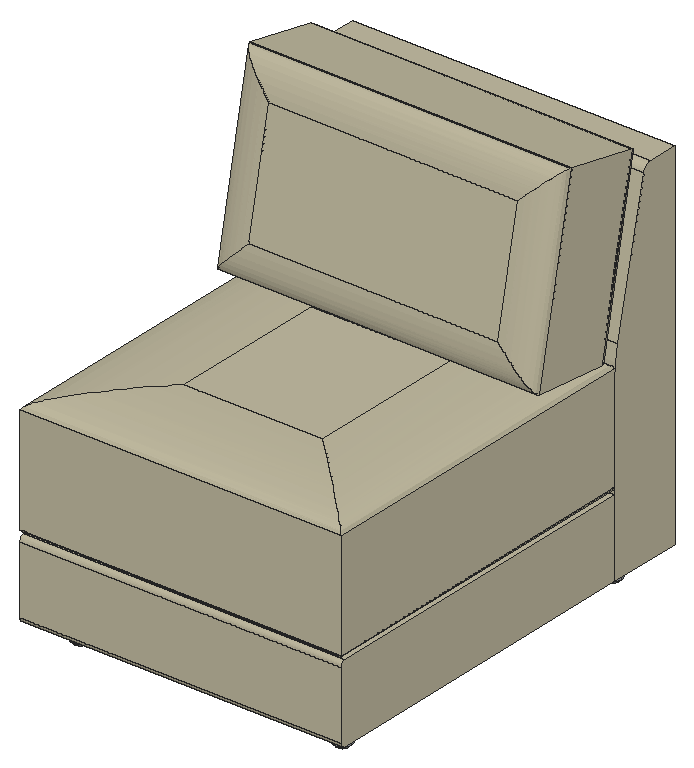
Revit family
Parameters
  URL = "http://www.martinbrattrud.com"
  SCS Certified Product = "Yes"
  Model = "La Quinta 960-01"
  Manufacturer = "Martin Brattrud, Inc."
  Leg [instance] = none
  Keynote = "125000"
  Foot [instance] = none
  Copyright = "© 2013 Martin Brattrud, Inc."
  Chair [instance] = none
  Back Cushion [instance] = none
  Authoring Version = "Revit Architecture 2010"
  Assembly Code = "E2020200"
Reference planes (in)
  plane 1 "Center Front/Back": y = 0
  plane 2: z = 0
  plane 3 "Center Left/Right": x = 0
  plane 4 "back pillow": through (0, 9.70925, 18.10968) normal (0, 0.9781, -0.2079)
Forms (in)
  Extrusion 1, solid, material <- "Chair"
    sketch origin (0, 0, 0) x (0, 1, 0) y (0, 0, 1)
      loop
        line (17.49985, 2) -> (17.49985, 32) -> (14.97288, 32)
        arc (14.97288, 32) -> (14.50559, 31.83663) -> (14.24187, 31.4177) r 0.75
        line (14.24187, 31.4177) -> (11.55366, 19.69936)
        arc (11.55366, 19.69936) -> (11.32604, 18.36637) -> (11.24985, 17.01623) r 12
        line (11.24985, 17.01623) -> (11.24985, 2) -> (17.49985, 2)
    from -13.49935 to 13.5
  Extrusion 2, solid, material <- "Chair"
    sketch origin (0, 0, 0) x (0, 1, 0) y (0, 0, 1)
      loop
        line (-17.49985, 18) -> (-17.49985, 9) -> (11.24985, 9) -> (11.24985, 18) -> (-17.49985, 18)
    from -13.49935 to 13.5
  Sweep 3, solid, material <- "Chair"
    path in 3D
      loop
        line (-13.49935, -17.49985, 18) -> (-13.49935, 11.24985, 18) -> (13.5, 11.24985, 18) -> (13.5, -17.49985, 18) -> (-13.49935, -17.49985, 18)
    profile origin (0.00033, -17.49985, 18) x (0, -1, 0) y (0, 0, 1)
      loop
        spline (-0.03125, 0) -> (-0.09648, 0.16316) -> (-0.29107, 0.32352) -> (-0.61167, 0.47835) -> (-1.05281, 0.625) -> (-1.60693, 0.76095) -> (-2.26456, 0.88388) -> (-3.01444, 0.99169) -> (-3.84375, 1.08253) -> (-4.73829, 1.15485) -> (-5.68275, 1.20741) -> (-6.66099, 1.23931) -> (-7.65625, 1.25)
        line (-7.65625, 1.25) -> (-7.65625, 0) -> (-0.03125, 0)
  Extrusion 4, solid, material <- "Chair"
    sketch origin (0, 0, 0) x (0, 1, 0) y (0, 0, 1)
      loop
        line (3.5936, 19.25) -> (-9.8436, 19.25) -> (-9.8436, 18) -> (3.5936, 18) -> (3.5936, 19.25)
    from -5.8431 to 5.84375
  Sweep 5, solid, material <- "Chair"
    path in 3D
      loop
        line (-13.49935, -17.49985, 9) -> (-13.49935, 11.24985, 9) -> (13.5, 11.24985, 9) -> (13.5, -17.49985, 9) -> (-13.49935, -17.49985, 9)
    profile origin (0.00033, -17.49985, 9) x (0, 1, 0) y (0, 0, -1)
      loop
        line (1.65625, 0) -> (1.65625, 0.5)
        spline (1.65625, 0.5) -> (1.44414, 0.49572) -> (1.23567, 0.48296) -> (1.03439, 0.46194) -> (0.84375, 0.43301) -> (0.66701, 0.39668) -> (0.5072, 0.35355) -> (0.36705, 0.30438) -> (0.24896, 0.25) -> (0.15495, 0.19134) -> (0.08662, 0.12941) -> (0.04515, 0.06526) -> (0.03125, 0)
        line (0.03125, 0) -> (1.65625, 0)
  Extrusion 6, solid, material <- "Chair"
    sketch origin (0, 0, 0) x (0, 1, 0) y (0, 0, 1)
      loop
        line (9.5936, 9) -> (-15.8436, 9) -> (-15.8436, 8.5) -> (9.5936, 8.5) -> (9.5936, 9)
    from -11.8431 to 11.84375
  Extrusion 7, solid, material <- "Back Cushion"
    sketch origin (0, 0, 0) x (0, 1, 0) y (0, 0, 1)
      loop
        line (13.03585, 33.76) -> (6.67789, 35.11143) -> (3.35129, 19.46111) -> (9.85626, 18.80132) -> (13.03585, 33.76)
    from -13.49935 to 13.5
  Sweep 8, solid, material <- "Back Cushion"
    path in 3D
      loop
        line (-13.49935, 6.67789, 35.11143) -> (-13.49935, 3.35129, 19.46111) -> (13.5, 3.35129, 19.46111) -> (13.5, 6.67789, 35.11143) -> (-13.49935, 6.67789, 35.11143)
    profile origin (0.00033, 6.67789, 35.11143) x (0, -0.207913, -0.978147) y (0, -0.978147, 0.207913)
      loop
        line (3.03125, 0) -> (3.03125, 1.2271)
        spline (3.03125, 1.2271) -> (2.63967, 1.2166) -> (2.25479, 1.18529) -> (1.8832, 1.13369) -> (1.53125, 1.0627) -> (1.20497, 0.97352) -> (0.90993, 0.86769) -> (0.65119, 0.74701) -> (0.43317, 0.61355) -> (0.25961, 0.46959) -> (0.13347, 0.3176) -> (0.05692, 0.16017) -> (0.03125, 0)
        line (0.03125, 0) -> (3.03125, 0)
  Extrusion 9, solid, material <- "Back Cushion"
    sketch origin (0, 0, 0) x (0, 1, 0) y (0, 0, 1)
      loop
        line (3.98153, 22.42612) -> (6.04766, 32.14643) -> (4.84737, 32.40155) -> (2.78125, 22.68125) -> (3.98153, 22.42612)
    from -10.4681 to 10.46875
  Sweep 10, solid, material <- "Back Cushion"
    path in 3D
      loop
        line (-13.49935, 13.03585, 33.76) -> (-13.49935, 9.85626, 18.80132) -> (13.5, 9.85626, 18.80132) -> (13.5, 13.03585, 33.76) -> (-13.49935, 13.03585, 33.76)
    profile origin (0.00033, 13.03585, 33.76) x (0, -0.978147, 0.207913) y (0, 0.207913, 0.978147)
      loop
        line (0, -3.03125) -> (0, -0.03125)
        spline (0, -0.03125) -> (-0.16316, -0.05692) -> (-0.32352, -0.13347) -> (-0.47835, -0.25961) -> (-0.625, -0.43317) -> (-0.76095, -0.65119) -> (-0.88388, -0.90993) -> (-0.99169, -1.20497) -> (-1.08253, -1.53125) -> (-1.15485, -1.8832) -> (-1.20741, -2.25479) -> (-1.23931, -2.63967) -> (-1.25, -3.03125)
        line (-1.25, -3.03125) -> (0, -3.03125)
  Extrusion 11, solid, material <- "Back Cushion"
    sketch origin (0, 0, 0) x (0, 1, 0) y (0, 0, 1)
      loop
        line (13.6283, 30.5351) -> (12.40561, 30.79499) -> (10.4865, 21.76633) -> (11.70918, 21.50644) -> (13.6283, 30.5351)
    from -10.4681 to 10.46875
  Extrusion 12, solid, material <- "Leg"
    sketch origin (0, 0, 0) x (1, 0, 0) y (0, 1, 0)
      loop
        circle (-11, -14.24745) r 0.75
      loop
        circle (11, -14.24745) r 0.75
      loop
        circle (-11, 14.12755) r 0.75
      loop
        circle (11, 14.12755) r 0.75
    from 0.25 to 2
  Extrusion 13, solid, material <- "Foot"
    sketch origin (0, 0, 0) x (1, 0, 0) y (0, 1, 0)
      loop
        circle (-11, -14.24745) r 0.5
      loop
        circle (11, -14.24745) r 0.5
      loop
        circle (-11, 14.12755) r 0.5
      loop
        circle (11, 14.12755) r 0.5
    from 0 to 0.25
  Extrusion 14, solid, material <- "Chair"
    sketch origin (0, 0, 0) x (0, 1, 0) y (0, 0, 1)
      loop
        line (-17.12485, 2) -> (11.24985, 2) -> (11.24985, 8.5) -> (-17.12485, 8.5)
        arc (-17.12485, 8.5) -> (-17.39002, 8.39017) -> (-17.49985, 8.125) r 0.375
        line (-17.49985, 8.125) -> (-17.49985, 2.375)
        arc (-17.49985, 2.375) -> (-17.39002, 2.10983) -> (-17.12485, 2) r 0.375
    from -13.49935 to 13.5
Cuts and joins
  joined: Sweep 8, Extrusion 9
  joined: Sweep 10, Extrusion 11
  joined: Sweep 3, Extrusion 4
  joined: Sweep 5, Extrusion 6
Lines and regions (in)
  sketch lines
    curve 1: line (13.5, -17.49985, 18) -> (-13.49935, -17.49985, 18)
    curve 2: line (-13.49935, -17.49985, 18) -> (-13.49935, 11.24985, 18)
    curve 3: line (13.5, 11.24985, 18) -> (-13.49935, 11.24985, 18)
    curve 4: line (13.5, 11.24985, 18) -> (13.5, -17.49985, 18)
    curve 5: line (13.5, -17.49985, 9) -> (-13.49935, -17.49985, 9)
    curve 6: line (-13.49935, -17.49985, 9) -> (-13.49935, 11.24985, 9)
    curve 7: line (13.5, 11.24985, 9) -> (-13.49935, 11.24985, 9)
    curve 8: line (13.5, 11.24985, 9) -> (13.5, -17.49985, 9)
    curve 9: line (13.5, 13.03585, 33.76) -> (-13.49935, 13.03585, 33.76)
    curve 10: line (-13.49935, 13.03585, 33.76) -> (-13.49935, 9.85626, 18.80132)
    curve 11: line (13.5, 9.85626, 18.80132) -> (-13.49935, 9.85626, 18.80132)
    curve 12: line (13.5, 9.85626, 18.80132) -> (13.5, 13.03585, 33.76)
    curve 13: line (13.5, 6.67789, 35.11143) -> (-13.49935, 6.67789, 35.11143)
    curve 14: line (13.5, 3.35129, 19.46111) -> (-13.49935, 3.35129, 19.46111)
    curve 15: line (-13.49935, 3.35129, 19.46111) -> (-13.49935, 6.67789, 35.11143)
    curve 16: line (13.5, 6.67789, 35.11143) -> (13.5, 3.35129, 19.46111)
